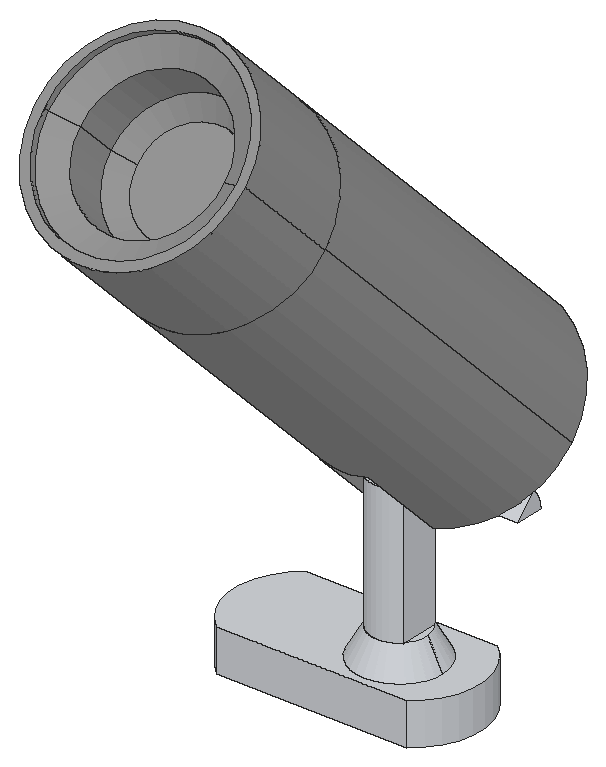
Revit family "005532", category Generic Models, host Face, Revit 2018
Family settings
  Host = Face
  Can host rebar = No
  Round Connector Dimension = Use Diameter
  Part Type = Normal
  OmniClass Number = 23.80.70.00
  OmniClass Title = Lighting
  Cut with Voids When Loaded = No
  Shared = No
  Room Calculation Point = No
Parameters (values of type "0005532 LENZO SMALL 15W 940 ON BOARD DIM WHITE")
  Width = 59.967 mm
  URL = "0.9"
  Type Image = <None>
  Type Comments = "n/a"
  Material_3_SYL = none
  Model = "Lenzo Small 15W 940 On Board Dim White"
  Manufacturer = ""
  Length = 160 mm
  Keynote = "n/a"
  Material_2_SYL = none
  Height = 194.195 mm
  Description = "The new generation of Lenzo improves the Sylvania track spot range with a simple and slick integral design fixture, with no driver box and no visible screws. Simple and integral design (diameter Ø60mm). Die cast aluminium body, passive cooling heat sink. Adjustable beam angle 15° - 50°. Textured White - RAL 9016.Light color temperature: 4000K, neutral white, total system power: 15W. Total fixture output: 1000lm, efficacy: 67lm/W, Ra90 typical, LED chromacity: 3 step MacAdam ellipse (SDCM3), IR/UV free light source without heat radiation, operating voltage: 220-240V / 50-60Hz. On Board dimming driver, ultra low flicker rate, power factor: >0.90, electrical protection: Class I. Degree of protection: IP20, suitable for indoor environment only. Suitable for 3-circuit tracks, horizontal rotation: 345°, vertical tilt: 90°. Dimensions: Ø60x229mm, weight: 0.48Kg."
  Default Elevation = 1219.2 mm
  Cost = 0
  Material_1_SYL = none
  Assembly Code = "D5020200"
  Material_4_SYL = none
  Adaptor width = 32 mm
  Adaptor length = 70 mm
Reference planes
  plane 1 "Center (Front/Back)": y = 0
  plane 2: z = 0
  plane 3 "Center (Left/Right)": x = 0
  plane 4: y = 16
  plane 5: y = -16
  plane 6: x = -35
  plane 7: x = 35
  plane 8: z = 20
  plane 9: z = 35
  plane 10: z = 194.195
  plane 11: z = -30
  plane 12: z = -20
  plane 13: y = -46
  plane 14: y = 46
  plane 15: z = -31.471
  plane 16: z = -32.971
  plane 17: x = -27
  plane 18: x = 27
  plane 19: x = 17
  plane 20: y = 29.984
  plane 21: y = -29.984
  plane 22: x = -101.168
  plane 23: x = 58.832
Forms (mm)
  Extrusion 1, solid
    sketch origin (0, 0, 0) x (1, 0, 0) y (0, 1, 0)
      loop
        line (-27, -16) -> (27, -16)
        arc (27, -16) -> (35, 0) -> (27, 16) r 20
        line (27, 16) -> (-27, 16)
        arc (-27, 16) -> (-35, 0) -> (-27, -16) r 20
    from 0 to 12
Dimensions and locks
  "Adaptor width": plane 4 to plane 5
  equal spacing: plane 4, plane 1 "Center (Front/Back)", plane 5
  "Adaptor length": plane 6 to plane 7
  equal spacing: plane 6, plane 3 "Center (Left/Right)", plane 7
  "Width": plane 20 to plane 21
  equal spacing: plane 20, plane 1 "Center (Front/Back)", plane 21
  "Length": plane 22 to plane 23
  "Height": host face to plane 10
  aligned and locked: plane 2 to host face
  aligned and locked: level to host face
Automatic sketch dimensions
  host sketch curve to host sketch curve = 2438.4 mm  (x2)
  Extrusion 1 sketch curve to plane 5 = 0 mm
  Extrusion 1 sketch curve to plane 4 = 0 mm
  Extrusion 1 sketch curve to plane 17 = 0 mm  (x2)
  plane 1 "Center (Front/Back)" to Extrusion 1 sketch curve = 0 mm
  Extrusion 1 sketch curve to plane 18 = 0 mm
  plane 17 to Extrusion 1 sketch curve = 12 mm
  Extrusion 1 sketch curve to plane 19 = 2 mm
Nested families
  nested 1: "Lenzo arm with small spot Generic Family face based" at (13.142, -1.375, 12), type "Type Name"
Definition of nested family "Lenzo arm with small spot Generic Family face based"
  Parameters (values of type "Type Name")
    cutout = 11.5 mm
    Width = 25 mm
    URL = "http://www.sylvania-lighting.com"
    Type Image = (empty or 0)
    Type Comments = "n/a"
    Material_3_SYL = none
    Model = ""
    Manufacturer = "Feilo Sylvania"
    Length = 25 mm
    Keynote = ""
    Material_2_SYL = none
    Description = ""
    Default Elevation = 1219.2 mm
    Cost = 0
    Material_1_SYL = none
    Assembly Code = ""
    Material_4_SYL = none
  Reference planes
    plane 1 "Center (Front/Back)": y = 0
    plane 2: z = 0
    plane 3 "Center (Left/Right)": x = 0
    plane 4: y = 12.5
    plane 5: y = -12.5
    plane 6: x = -12.5
    plane 7: x = 12.5
    plane 8: z = 55
    plane 9: y = -46
    plane 10: y = 46
    plane 11: z = 8
    plane 12: x = 8
    plane 13: x = -8
    plane 14: x = 5.75
    plane 15: x = -5.75
    plane 16: z = 47
    plane 17: z = 39
  Forms (mm)
    Extrusion 1, solid
      sketch origin (4.2, 0, 0) x (1, 0, 0) y (0, 1, 0)
        loop
          line (-1219.2, 1219.2) -> (-1219.2, -1219.2) -> (1219.2, -1219.2) -> (1219.2, 1219.2) -> (-1219.2, 1219.2)
      from 0 to -68.017
    Blend 2, solid
      base sketch origin (0, 0, 0) x (1, 0, 0) y (0, 1, 0)
        loop
          circle (0, 0) r 12.5
      top sketch origin (0, 0, 0) x (1, 0, 0) y (0, 1, 0)
        loop
          circle (0, 0) r 8
      from 0 to 8
    Extrusion 3, solid
      sketch origin (0, 0, 0) x (1, 0, 0) y (0, 1, 0)
        loop
          circle (0, 0) r 8
      from 0 to 47
    Extrusion 4, void
      sketch origin (1524, -324.9, 1219.2) x (1, 0, 0) y (0, 0, 1)
        loop
          line (-1529.75, -1172.2) -> (-1538.187, -1172.2) -> (-1538.187, -1219.2) -> (-1529.75, -1219.2) -> (-1529.75, -1172.2)
      from -331.966 to -316.181
    Extrusion 5, void
      sketch origin (1542.25, -324.9, 1219.2) x (1, 0, 0) y (0, 0, 1)
        loop
          line (-1529.75, -1172.2) -> (-1536.5, -1172.2) -> (-1536.5, -1219.2) -> (-1529.75, -1219.2) -> (-1529.75, -1172.2)
      from -331.966 to -316.181
    Revolve 6, solid
      sketch origin (-1523.658, 8.798, 1219.842) x (-1, 0, 0) y (0, 0, 1)
        loop
          line (-1529.498, -1172.2) -> (-1550.4, -1172.2) -> (-1550.4, -1180.2) -> (-1529.498, -1180.2) -> (-1529.498, -1172.2)
        axis (-1529.498, -1180.2) -> (-1550.4, -1180.2)
      angle from -90.054 to -45.054
  Cuts and joins
    Extrusion 4, Extrusion 5 cuts Extrusion 3
  Dimensions and locks
    "Width": plane 4 to plane 5
    equal spacing: plane 4, plane 1 "Center (Front/Back)", plane 5
    "Length": plane 6 to plane 7
    equal spacing: plane 6, plane 3 "Center (Left/Right)", plane 7
    "cutout": plane 15 to plane 14
    equal spacing: plane 15, plane 3 "Center (Left/Right)", plane 14
    aligned and locked: plane 2 to Extrusion 1
    aligned and locked: level to Extrusion 1
  Automatic sketch dimensions
    Extrusion 1 sketch curve to Extrusion 1 sketch curve = 2438.4 mm  (x2)
    plane 1 "Center (Front/Back)" to Blend 2 sketch curve = 0 mm  (x2)
    Blend 2 sketch curve to plane 3 "Center (Left/Right)" = 0 mm  (x2)
    plane 1 "Center (Front/Back)" to Extrusion 3 sketch curve = 0 mm
    Extrusion 3 sketch curve to plane 3 "Center (Left/Right)" = 0 mm
    Extrusion 4 sketch curve to level = 0 mm
    plane 15 to Extrusion 4 sketch curve = 0 mm
    Extrusion 4 sketch curve to plane 6 = 1.687 mm
    Extrusion 4 sketch curve to plane 8 = 8 mm
    Extrusion 5 sketch curve to level = 0 mm
    Extrusion 5 sketch curve to plane 7 = 0 mm
    plane 14 to Extrusion 5 sketch curve = 0 mm
    Extrusion 5 sketch curve to plane 8 = 8 mm
    plane 17 to Revolve 6 sketch curve = 0.642 mm  (x2)
    plane 3 "Center (Left/Right)" to Revolve 6 sketch curve = 26.743 mm
    Revolve 6 sketch curve to plane 13 = 13.84 mm
    plane 16 to Revolve 6 sketch curve = 0.642 mm
    Revolve 6 sketch curve to plane 12 = 17.443 mm
    Revolve 6 sketch curve to plane 6 = 2.057 mm
    radius of Blend 2 sketch curve = 12.5 mm
    radius of Blend 2 sketch curve = 8 mm
    radius of Extrusion 3 sketch curve = 8 mm
  Nested families
    nested 1: "005532 Lenzo Small Spotlight Family face based data" at (0, 23.752, 54.568) x (1, 0, 0) z (0, -0.7064, 0.7078), type "0005532 LENZO SMALL 15W 940 ON BOARD DIM WHITE"
      with WarrantyStartDate "n/a", SerialNumber "n/a", InstallationDate "n/a", built-in parameter 1114216 (empty or 0), BarCode "n/a", AssetIdentifier "n/a"
  Definition of nested family "005532 Lenzo Small Spotlight Family face based data"
    Parameters (values of type "0005532 LENZO SMALL 15W 940 ON BOARD DIM WHITE")
      Weight = "n/a"
      Wattage Comments = ""
      Wattage = 9.2903 W
      WarrantyStartDate [instance] = "n/a"
      WarrantyGuarantorParts = "n/a"
      WarrantyDurationUnit = "n/a"
      WarrantyDurationParts = ""
      WarrantyDescription = "http://www.sylvania-lighting.com"
      built-in parameter 1150110 = 1 (stored number, unit not read)
      Voltage = 0 V
      URL = "0.9"
      TypeName = "Lenzo Small 15W 940 On Board Dim White"
      Type Image = (empty or 0)
      Type Comments = "n/a"
      built-in parameter 1114217 = 1 (stored number, unit not read)
      Tilt Angle = -90.00°
      built-in parameter 1150109 = 1 (stored number, unit not read)
      built-in parameter 1150134 = 3
      built-in parameter 1150113 = 1 (stored number, unit not read)
      SerialNumber [instance] = "n/a"
      Photometric Web File = "0005532-WB.IES"
      Material_3_SYL = none
      PowerFactor = 0
      PowerConsumption = "Lighting"
      NominalLength = 60 mm
      NominalHeight = 45 mm
      NominalDepth = 60 mm
      Name = "Lenzo Small 15W 940 On Board Dim White"
      ModelReference = Name  # "Lenzo Small 15W 940 On Board Dim White"
      ModelNumber = "0005532"
      Model = Name  # "Lenzo Small 15W 940 On Board Dim White"
      Material = "Feilo Sylvania"
      ManufacturerName = "67 lm/W"
      Manufacturer = ""
      LuminousEfficacy = ""
      built-in parameter 1150105 = 109.82 (stored number, unit not read)
      Lumens = 1380 lm
      LuminaireType = "0"
      built-in parameter 1150115 = 1 (stored number, unit not read)
      LightOutputRatio = "LED"
      built-in parameter 1150137 = (empty or 0)
      built-in parameter 1150139 = (empty or 0)
      LampsType = Lamp  # "n/a"
      LampNominalLuminous = "4000 K"
      LampMacAdamStep = "90"
      LampColourTemperature = "LED"
      LampColourRenderingIndex = "16500"
      built-in parameter 1150112 = 1 (stored number, unit not read)
      built-in parameter 1150114 = 1 (stored number, unit not read)
      Lamp = "n/a"
      Keynote = "n/a"
      InstallationDate [instance] = "n/a"
      InputVoltage = "0"
      InputNominalFrequency = "4000"
      built-in parameter 1150132 = (empty or 0)
      built-in parameter 1150102 = (empty or 0)
      built-in parameter 1150107 = 3200 (stored number, unit not read)
      built-in parameter 1150138 = (empty or 0)
      IngressProtection = "IfcLightFixtureType"
      ImpactProtectionIndex = "IfcLightFixtureType"
      built-in parameter 1150106 = 1.0982 (stored number, unit not read)
      IfcExportType = "IfcLightFixtureType"
      IfcExportAs = "Class I"
      Emit from Circle Diameter = 609.6 mm
      Emit Shape Visible in Rendering = no
      ElectricShockClassification = "67"
      built-in parameter 1150104 = 13.8 (stored number, unit not read)
      DocumentationLiterature = "http://www.sylvania-lighting.com/product/en-int/products/0005532"
      DimmingControlOptions = "n/a"
      Material_2_SYL = none
      Dimming Lamp Color Temperature Shift = (empty or 0)
      Description = "The new generation of Lenzo improves the Sylvania track spot range with a simple and slick integral design fixture, with no driver box and no visible screws. Simple and integral design (diameter Ø60mm). Die cast aluminium body, passive cooling heat sink. Adjustable beam angle 15° - 50°. Textured White - RAL 9016.Light color temperature: 4000K, neutral white, total system power: 15W. Total fixture output: 1000lm, efficacy: 67lm/W, Ra90 typical, LED chromacity: 3 step MacAdam ellipse (SDCM3), IR/UV free light source without heat radiation, operating voltage: 220-240V / 50-60Hz. On Board dimming driver, ultra low flicker rate, power factor: >0.90, electrical protection: Class I. Degree of protection: IP20, suitable for indoor environment only. Suitable for 3-circuit tracks, horizontal rotation: 345°, vertical tilt: 90°. Dimensions: Ø60x229mm, weight: 0.48Kg."
      Default Elevation = 1219.2 mm
      CreatedOn = "03/04/2023"
      CreatedBy = "@sylvania-lighting.com"
      Cost = 0
      Color Filter = 16777215
      built-in parameter 1114216 [instance] = (empty or 0)
      ClassificationValue = "EF_70_80"
      ClassificationName = "Uniclass2015"
      Material_1_SYL = none
      BarCode [instance] = "n/a"
      built-in parameter 1114218 = 1 (stored number, unit not read)
      built-in parameter 1150133 = 10 (stored number, unit not read)
      AssetType = "Fixed"
      AssetIdentifier [instance] = "n/a"
      Assembly Code = "D5020200"
      Apparent Load = 15 VA
      Material_4_SYL = none
    Reference planes
      plane 1 "Center (Front/Back)": y = 0
      plane 2: z = 0
      plane 3 "Center (Left/Right)": x = 0
      plane 4: x = -30
      plane 5: x = 30
      plane 6: y = 30
      plane 7: y = -30
      plane 8: z = 45
      plane 9: y = -13
      plane 10: x = -7
      plane 11: x = 7
    Forms (mm)
      Extrusion 1, solid
        sketch origin (4.2, 0, 0) x (1, 0, 0) y (0, 1, 0)
          loop
            line (-1219.2, 1219.2) -> (-1219.2, -1219.2) -> (1219.2, -1219.2) -> (1219.2, 1219.2) -> (-1219.2, 1219.2)
        from 0 to -68.017
      Extrusion 2, solid
        sketch origin (0, 0, 0) x (1, 0, 0) y (0, 1, 0)
          loop
            circle (0.015, 0.002) r 30
        from 0 to 124
      Extrusion 3, solid
        sketch origin (0, 0, 0) x (1, 0, 0) y (0, 1, 0)
          loop
            circle (0, 0) r 30
        from 124 to 164
      Extrusion 4, void
        sketch origin (0, 0, 0) x (1, 0, 0) y (0, 1, 0)
          loop
            line (-7, -13) -> (-7, -30) -> (7, -30) -> (7, -13) -> (-7, -13)
        from 0 to 32
      Extrusion 5, solid, detail levels fine
        sketch origin (0, 0, 0) x (1, 0, 0) y (0, 1, 0)
          loop
            circle (0, 0) r 15
        from 138.007 to 138.988
      Extrusion 6, void
        sketch origin (0, 0, 0) x (1, 0, 0) y (0, 1, 0)
          loop
            circle (-0.002, 0.171) r 27.5
        from 164 to 162
      Blend 7, void
        base sketch origin (0, 0, 0) x (1, 0, 0) y (0, 1, 0)
          loop
            circle (-0.002, 0.171) r 27.5
        top sketch origin (0, 0, 0) x (1, 0, 0) y (0, 1, 0)
          loop
            circle (-0.002, 0.171) r 20.5
        from 162 to 158
      Extrusion 8, void
        sketch origin (0, 0, 0) x (1, 0, 0) y (0, 1, 0)
          loop
            circle (-0.002, 0.171) r 20.5
        from 158 to 143
      Blend 9, void
        base sketch origin (0, 0, 0) x (1, 0, 0) y (0, 1, 0)
          loop
            circle (-0.002, 0.171) r 20.5
        top sketch origin (0, 0, 0) x (1, 0, 0) y (0, 1, 0)
          loop
            circle (0, 0) r 15
        from 143 to 138.007
    Cuts and joins
      Extrusion 4, Extrusion 6, Blend 7, Extrusion 8, Blend 9 cuts Extrusion 2
      Extrusion 6, Blend 7, Extrusion 8, Blend 9 cuts Extrusion 3
    Dimensions and locks
      "NominalLength": plane 4 to plane 5
      equal spacing: plane 4, plane 3 "Center (Left/Right)", plane 5
      "NominalDepth": plane 6 to plane 7
      equal spacing: plane 6, plane 1 "Center (Front/Back)", plane 7
      "NominalHeight": plane 8 to level
      aligned and locked: plane 2 to Extrusion 1
      aligned and locked: level to Extrusion 1
    Automatic sketch dimensions
      Extrusion 1 sketch curve to Extrusion 1 sketch curve = 2438.4 mm  (x2)
      Extrusion 2 sketch curve to plane 1 "Center (Front/Back)" = 0.002 mm
      plane 3 "Center (Left/Right)" to Extrusion 2 sketch curve = 0.015 mm
      plane 1 "Center (Front/Back)" to Extrusion 3 sketch curve = 0 mm
      Extrusion 3 sketch curve to plane 3 "Center (Left/Right)" = 0 mm
      Extrusion 4 sketch curve to plane 7 = 0 mm
      Extrusion 4 sketch curve to plane 10 = 0 mm
      Extrusion 4 sketch curve to plane 11 = 0 mm
      Extrusion 4 sketch curve to plane 9 = 0 mm
      plane 1 "Center (Front/Back)" to Extrusion 5 sketch curve = 0 mm
      Extrusion 5 sketch curve to plane 3 "Center (Left/Right)" = 0 mm
      Extrusion 6 sketch curve to plane 3 "Center (Left/Right)" = 0.002 mm
      Extrusion 6 sketch curve to plane 1 "Center (Front/Back)" = 0.171 mm
      Blend 7 sketch curve to plane 3 "Center (Left/Right)" = 0.002 mm  (x2)
      Blend 7 sketch curve to plane 1 "Center (Front/Back)" = 0.171 mm  (x2)
      Extrusion 8 sketch curve to plane 3 "Center (Left/Right)" = 0.002 mm
      Extrusion 8 sketch curve to plane 1 "Center (Front/Back)" = 0.171 mm
      Blend 9 sketch curve to plane 3 "Center (Left/Right)" = 0.002 mm
      Blend 9 sketch curve to plane 1 "Center (Front/Back)" = 0.171 mm
      plane 1 "Center (Front/Back)" to Blend 9 sketch curve = 0 mm
      Blend 9 sketch curve to plane 3 "Center (Left/Right)" = 0 mm
      radius of Extrusion 2 sketch curve = 30 mm
      radius of Extrusion 3 sketch curve = 30 mm
      radius of Extrusion 5 sketch curve = 15 mm
      radius of Extrusion 6 sketch curve = 27.5 mm
      radius of Blend 7 sketch curve = 27.5 mm
      radius of Blend 7 sketch curve = 20.5 mm
      radius of Extrusion 8 sketch curve = 20.5 mm
      radius of Blend 9 sketch curve = 20.5 mm
      radius of Blend 9 sketch curve = 15 mm
    Connectors
      electrical at (0, 0, 0), driven by "Apparent Load", driven by "PowerFactor", driven by "Voltage"
        settings: index 1, voltage 0 V, apparent load 15 VA, apparent load phase1 0 VA, apparent load phase2 0 VA, apparent load phase3 0 VA, power factor 0, load classification none, number of poles 1, system type 30, power factor state 1, is connector primary yes, connector utility no, sub classification motor no, connector description ""
